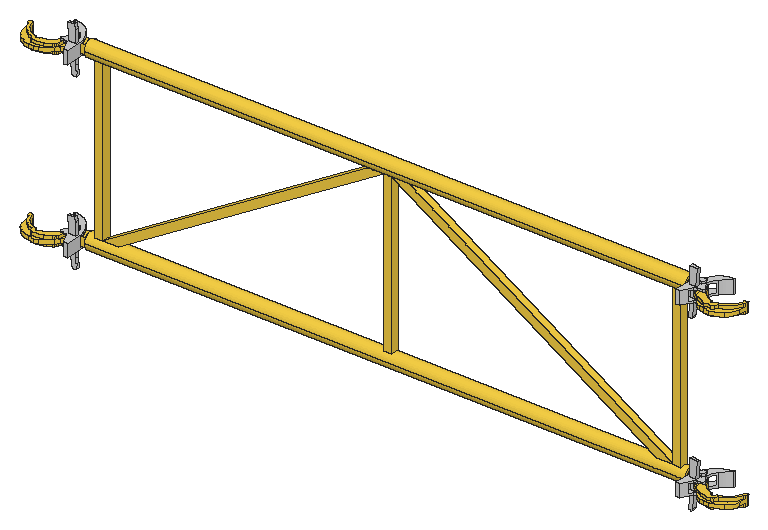
Revit family "EHL_BRACING FRAME 2,075_2220145", category Generic Models, Revit 2018
Family settings
  Can host rebar = No
  Round Connector Dimension = Use Diameter
  Part Type = Normal
  OmniClass Number = 35.51.14.00
  OmniClass Title = FORMWORK
  Work Plane-Based = Yes
  Always vertical = No
  Cut with Voids When Loaded = No
  Shared = Yes
  Room Calculation Point = No
Parameters
  VERSION = "20190101"  # constant formula
  URL = "www.ulmaconstruction.com/en"
  UNICLASS = ""
  ITEM_CODE = "2220145"
  Manufacturer = "ULMA CONSTRUCTION"  # constant formula
  FILTER [instance] = ""
  Default Elevation = 0.000 mm
  CLASSIFICATION_TITLE = ""
  CLASSIFICATION_NUMBER = ""
Reference planes
  plane 1 "Centro (Frontal/Posterior)": y = 0
  plane 2: z = 0
  plane 3 "Centro (Izquierda/Derecha)": x = 0
  plane 4 "SECOND HOOK": z = -530
  plane 5 "ITEM_LENGTH": x = 2075
Forms (mm)
  Extrusion 1, solid, material "ULMA YELLOW", detail levels fine
    sketch origin (0, 0, 0) x (0, 1, 0) y (0, 0, 1)
      loop
        circle (0, 0) r 21.25
    from 112.779 to 131.962
  Extrusion 2, solid, material "ULMA YELLOW", detail levels fine
    sketch origin (0, 0, 0) x (1, 0, 0) y (0, 1, 0)
      loop
        arc (-9.415, -54.949) -> (-39.125, -39.715) -> (-54.802, -10.236) r 55.75
        arc (-54.802, -10.236) -> (-55.276, -9.18) -> (-56.181, -8.458) r 2.46
        line (-56.181, -8.458) -> (-62.543, -5.491)
        arc (-62.543, -5.491) -> (-65.221, -5.854) -> (-66.004, -8.441) r 2.5
        line (-66.004, -8.441) -> (-65.503, -10.204) -> (-62.722, -35.861)
        arc (-62.722, -35.861) -> (-56.857, -54.21) -> (-44.498, -68.985) r 50.058
        arc (-44.498, -68.985) -> (-27.276, -79.37) -> (-7.835, -84.52) r 71.127
        line (-7.835, -84.52) -> (9.041, -84.52)
        arc (9.041, -84.52) -> (15.444, -83.458) -> (21.727, -81.83) r 72.924
        arc (21.727, -81.83) -> (38.94, -72.801) -> (51.518, -57.981) r 50.939
        arc (51.518, -57.981) -> (54.926, -53.297) -> (59.315, -49.519) r 25
        arc (59.315, -49.519) -> (69.169, -42.343) -> (78.5, -34.5) r 175.396
        line (78.5, -34.5) -> (79.668, -21.151)
        arc (79.668, -21.151) -> (80.95, -18.551) -> (83.653, -17.5) r 4
        line (83.653, -17.5) -> (112.779, -17.5) -> (112.779, 21) -> (110, 21) -> (80.183, 8.953)
        arc (80.183, 8.953) -> (63.164, -2.449) -> (52.146, -19.72) r 50
        arc (52.146, -19.72) -> (46.491, -30.767) -> (38.533, -40.29) r 55.75
        arc (38.533, -40.29) -> (25.075, -49.793) -> (9.427, -54.947) r 55.75
        arc (9.427, -54.947) -> (8.551, -55.329) -> (7.953, -56.073) r 2
        line (7.953, -56.073) -> (6.194, -59.845)
        arc (6.194, -59.845) -> (5.456, -60.687) -> (4.381, -61) r 2
        line (4.381, -61) -> (-4.381, -61)
        arc (-4.381, -61) -> (-5.456, -60.687) -> (-6.194, -59.845) r 2
        line (-6.194, -59.845) -> (-7.952, -56.075)
        spline (-7.952, -56.075) -> (-8.025, -55.934) -> (-8.109, -55.798) -> (-8.204, -55.67) -> (-8.309, -55.55) -> (-8.423, -55.439) -> (-8.546, -55.337) -> (-8.677, -55.246) -> (-8.814, -55.165) -> (-8.958, -55.096) -> (-9.107, -55.038) -> (-9.26, -54.992) -> (-9.415, -54.949)
      loop
        circle (75, -5) r 5.25
    from -14.2 to 14.2
  Extrusion 3, void
    sketch origin (0, 0, 0) x (0, -1, 0) y (0, 0, -1)
      loop
        arc (-9.288, -8.299) -> (-6.038, -6.696) -> (-4.724, -3.318) r 5
        line (-4.724, -3.318) -> (-4.724, 3.318)
        arc (-4.724, 3.318) -> (-6.038, 6.696) -> (-9.288, 8.299) r 5
        line (-9.288, 8.299) -> (-24, 9.586) -> (-24, -9.586) -> (-9.288, -8.299)
    from 69.04 to 137.016
  Extrusion 4, void
    sketch origin (0, 0, 0) x (1, 0, 0) y (0, 1, 0)
      loop
        arc (-17.172, -61.068) -> (-43.879, -45.835) -> (-60.07, -19.699) r 62.406
        line (-60.07, -19.699) -> (-66.013, -14.348) -> (-66.013, -86.27) -> (80.89, -86.27) -> (80.89, -20.894)
        arc (80.89, -20.894) -> (73.161, -21.045) -> (65.431, -21.139) r 1055.933
        arc (65.431, -21.139) -> (61.807, -25.128) -> (58.331, -29.248) r 147.622
        line (58.331, -29.248) -> (56.547, -48.914)
        arc (56.547, -48.914) -> (54.986, -51.483) -> (53.221, -53.917) r 36.931
        line (53.221, -53.917) -> (50.918, -56.844) -> (47.592, -60.536)
        arc (47.592, -60.536) -> (37.876, -65.558) -> (27.858, -69.948) r 170.736
        arc (27.858, -69.948) -> (11.017, -74.507) -> (-6.42, -75.069) r 75.203
        arc (-6.42, -75.069) -> (-10.277, -73.661) -> (-12.897, -70.501) r 7.858
        arc (-12.897, -70.501) -> (-15.044, -65.777) -> (-17.172, -61.068) r 2222.639
    from 5.6 to 14.2
  Extrusion 5, void
    sketch origin (0, 0, -35) x (1, 0, 0) y (0, 1, 0)
      loop
        arc (-17.172, -61.068) -> (-43.879, -45.835) -> (-60.07, -19.699) r 62.406
        line (-60.07, -19.699) -> (-66.013, -14.348) -> (-66.013, -86.27) -> (80.89, -86.27) -> (80.89, -20.894)
        arc (80.89, -20.894) -> (73.161, -21.045) -> (65.431, -21.139) r 1055.933
        arc (65.431, -21.139) -> (61.807, -25.128) -> (58.331, -29.248) r 147.622
        line (58.331, -29.248) -> (56.547, -48.914)
        arc (56.547, -48.914) -> (54.986, -51.483) -> (53.221, -53.917) r 36.931
        line (53.221, -53.917) -> (50.918, -56.844) -> (47.592, -60.536)
        arc (47.592, -60.536) -> (37.876, -65.558) -> (27.858, -69.948) r 170.736
        arc (27.858, -69.948) -> (11.017, -74.507) -> (-6.42, -75.069) r 75.203
        arc (-6.42, -75.069) -> (-10.277, -73.661) -> (-12.897, -70.501) r 7.858
        arc (-12.897, -70.501) -> (-15.044, -65.777) -> (-17.172, -61.068) r 2222.639
    from 20.8 to 29.4
  Extrusion 6, solid, material "ULMA ZINC", detail levels fine
    sketch origin (0, 0, 0) x (1, 0, 0) y (0, 1, 0)
      loop
        arc (88.479, 13.391) -> (63.063, 42.619) -> (26.896, 56.482) r 80
        arc (26.896, 56.482) -> (23.121, 54.016) -> (24.908, 49.876) r 3.5
        arc (24.908, 49.876) -> (39.309, 39.533) -> (49.734, 25.19) r 55.75
        arc (49.734, 25.19) -> (61.962, 1.553) -> (52.083, -23.159) r 32
        arc (52.083, -23.159) -> (50.416, -26.594) -> (48.522, -29.91) r 57
        arc (48.522, -29.91) -> (48.319, -32.667) -> (50.457, -34.42) r 3
        line (50.457, -34.42) -> (68.517, -38.23)
        arc (68.517, -38.23) -> (72.482, -40.036) -> (75.302, -43.357) r 10
        line (75.302, -43.357) -> (90.904, -73) -> (103.699, -73) -> (100.509, -12.123)
        arc (100.509, -12.123) -> (100.181, -10.058) -> (99.432, -8.106) r 10
        line (99.432, -8.106) -> (88.479, 13.391)
    from -19.75 to 19.75
  Extrusion 7, void
    sketch origin (0, 0, 0) x (1, 0, 0) y (0, 1, 0)
      loop
        arc (53.518, 21.701) -> (61.984, -1.023) -> (52.083, -23.159) r 32
        arc (52.083, -23.159) -> (50.416, -26.594) -> (48.522, -29.91) r 57
        arc (48.522, -29.91) -> (48.319, -32.667) -> (50.457, -34.42) r 3
        line (50.457, -34.42) -> (68.517, -38.23)
        arc (68.517, -38.23) -> (72.482, -40.036) -> (75.302, -43.357) r 10
        line (75.302, -43.357) -> (81.718, -55.548) -> (94, -55.548) -> (94, -23) -> (101.079, -23) -> (100.509, -12.123)
        arc (100.509, -12.123) -> (100.181, -10.058) -> (99.432, -8.106) r 10
        line (99.432, -8.106) -> (88.479, 13.391)
        arc (88.479, 13.391) -> (63.063, 42.619) -> (26.896, 56.482) r 80
        arc (26.896, 56.482) -> (24.143, 55.62) -> (22.972, 52.984) r 3.5
        arc (22.972, 52.984) -> (24.396, 52.344) -> (25.802, 51.665) r 57.75
        arc (25.802, 51.665) -> (42.395, 39.213) -> (53.518, 21.701) r 57.75
    from -14.75 to 14.75
  Extrusion 8, solid, material "ULMA ZINC", detail levels fine
    sketch origin (0, 0, 0) x (1, 0, 0) y (0, 0, 1)
      loop
        line (69.566, 68.569) -> (83.484, -66.214)
        arc (83.484, -66.214) -> (85.85, -70.589) -> (90.616, -72.011) r 6.499
        line (90.616, -72.011) -> (97.081, -71.344) -> (93.997, -41.477) -> (93.997, 55.885) -> (92.444, 70.931) -> (69.566, 68.569)
    from 23.25 to 31.75
  Extrusion 9, solid, material "ULMA ZINC", detail levels fine
    sketch origin (0, 0, 0) x (1, 0, 0) y (0, 1, 0)
      loop
        line (70.093, 3.5) -> (65.185, -5) -> (70.093, -13.5) -> (79.907, -13.5) -> (84.815, -5) -> (79.907, 3.5) -> (70.093, 3.5)
    from 19.75 to 26.75
  Extrusion 10, solid, material "ULMA ZINC", detail levels fine
    sketch origin (0, 0, -46.5) x (1, 0, 0) y (0, 1, 0)
      loop
        line (70.093, 3.5) -> (65.185, -5) -> (70.093, -13.5) -> (79.907, -13.5) -> (84.815, -5) -> (79.907, 3.5) -> (70.093, 3.5)
    from 19.75 to 26.75
  Extrusion 11, solid, material "ULMA YELLOW", detail levels fine
    sketch origin (2075, 0, 0) x (0, 1, 0) y (0, 0, -1)
      loop
        circle (0, 0) r 21.25
    from 112.779 to 131.962
  Extrusion 12, solid, material "ULMA YELLOW", detail levels fine
    sketch origin (2075, 0, 0) x (-1, 0, 0) y (0, -1, 0)
      loop
        spline (-9.415, 54.949) -> (-9.26, 54.992) -> (-9.107, 55.038) -> (-8.958, 55.096) -> (-8.814, 55.165) -> (-8.677, 55.246) -> (-8.546, 55.337) -> (-8.423, 55.439) -> (-8.309, 55.55) -> (-8.204, 55.67) -> (-8.109, 55.798) -> (-8.025, 55.934) -> (-7.952, 56.075)
        line (-7.952, 56.075) -> (-6.194, 59.845)
        arc (-6.194, 59.845) -> (-5.456, 60.687) -> (-4.381, 61) r 2
        line (-4.381, 61) -> (4.381, 61)
        arc (4.381, 61) -> (5.456, 60.687) -> (6.194, 59.845) r 2
        line (6.194, 59.845) -> (7.953, 56.073)
        arc (7.953, 56.073) -> (8.551, 55.329) -> (9.427, 54.947) r 2
        arc (9.427, 54.947) -> (25.075, 49.793) -> (38.533, 40.29) r 55.75
        arc (38.533, 40.29) -> (46.491, 30.767) -> (52.146, 19.72) r 55.75
        arc (52.146, 19.72) -> (63.164, 2.449) -> (80.183, -8.953) r 50
        line (80.183, -8.953) -> (110, -21) -> (112.779, -21) -> (112.779, 17.5) -> (83.653, 17.5)
        arc (83.653, 17.5) -> (80.95, 18.551) -> (79.668, 21.151) r 4
        line (79.668, 21.151) -> (78.5, 34.5)
        arc (78.5, 34.5) -> (69.169, 42.343) -> (59.315, 49.519) r 175.396
        arc (59.315, 49.519) -> (54.926, 53.297) -> (51.518, 57.981) r 25
        arc (51.518, 57.981) -> (38.94, 72.801) -> (21.727, 81.83) r 50.939
        arc (21.727, 81.83) -> (15.444, 83.458) -> (9.041, 84.52) r 72.924
        line (9.041, 84.52) -> (-7.835, 84.52)
        arc (-7.835, 84.52) -> (-27.276, 79.37) -> (-44.498, 68.985) r 71.127
        arc (-44.498, 68.985) -> (-56.857, 54.21) -> (-62.722, 35.861) r 50.058
        line (-62.722, 35.861) -> (-65.503, 10.204) -> (-66.004, 8.441)
        arc (-66.004, 8.441) -> (-65.221, 5.854) -> (-62.543, 5.491) r 2.5
        line (-62.543, 5.491) -> (-56.181, 8.458)
        arc (-56.181, 8.458) -> (-55.276, 9.18) -> (-54.802, 10.236) r 2.46
        arc (-54.802, 10.236) -> (-39.125, 39.715) -> (-9.415, 54.949) r 55.75
      loop
        circle (75, 5) r 5.25
    from -14.2 to 14.2
  Extrusion 13, void
    sketch origin (2075, 0, 0) x (0, -1, 0) y (0, 0, 1)
      loop
        line (-9.288, 8.299) -> (-24, 9.586) -> (-24, -9.586) -> (-9.288, -8.299)
        arc (-9.288, -8.299) -> (-6.038, -6.696) -> (-4.724, -3.318) r 5
        line (-4.724, -3.318) -> (-4.724, 3.318)
        arc (-4.724, 3.318) -> (-6.038, 6.696) -> (-9.288, 8.299) r 5
    from 69.04 to 137.016
  Extrusion 14, void
    sketch origin (2075, 0, -35) x (-1, 0, 0) y (0, -1, 0)
      loop
        arc (-17.172, 61.068) -> (-15.044, 65.777) -> (-12.897, 70.501) r 2222.639
        arc (-12.897, 70.501) -> (-10.277, 73.661) -> (-6.42, 75.069) r 7.858
        arc (-6.42, 75.069) -> (11.017, 74.507) -> (27.858, 69.948) r 75.203
        arc (27.858, 69.948) -> (37.876, 65.558) -> (47.592, 60.536) r 170.736
        line (47.592, 60.536) -> (50.918, 56.844) -> (53.221, 53.917)
        arc (53.221, 53.917) -> (54.986, 51.483) -> (56.547, 48.914) r 36.931
        line (56.547, 48.914) -> (58.331, 29.248)
        arc (58.331, 29.248) -> (61.807, 25.128) -> (65.431, 21.139) r 147.622
        arc (65.431, 21.139) -> (73.161, 21.045) -> (80.89, 20.894) r 1055.933
        line (80.89, 20.894) -> (80.89, 86.27) -> (-66.013, 86.27) -> (-66.013, 14.348) -> (-60.07, 19.699)
        arc (-60.07, 19.699) -> (-43.879, 45.835) -> (-17.172, 61.068) r 62.406
    from 20.8 to 29.4
  Extrusion 15, solid, material "ULMA ZINC", detail levels fine
    sketch origin (2075, 0, 0) x (-1, 0, 0) y (0, -1, 0)
      loop
        line (88.479, -13.391) -> (99.432, 8.106)
        arc (99.432, 8.106) -> (100.181, 10.058) -> (100.509, 12.123) r 10
        line (100.509, 12.123) -> (103.699, 73) -> (90.904, 73) -> (75.302, 43.357)
        arc (75.302, 43.357) -> (72.482, 40.036) -> (68.517, 38.23) r 10
        line (68.517, 38.23) -> (50.457, 34.42)
        arc (50.457, 34.42) -> (48.319, 32.667) -> (48.522, 29.91) r 3
        arc (48.522, 29.91) -> (50.416, 26.594) -> (52.083, 23.159) r 57
        arc (52.083, 23.159) -> (61.962, -1.553) -> (49.734, -25.19) r 32
        arc (49.734, -25.19) -> (39.309, -39.533) -> (24.908, -49.876) r 55.75
        arc (24.908, -49.876) -> (23.121, -54.016) -> (26.896, -56.482) r 3.5
        arc (26.896, -56.482) -> (63.063, -42.619) -> (88.479, -13.391) r 80
    from -19.75 to 19.75
  Extrusion 16, void
    sketch origin (2075, 0, 0) x (-1, 0, 0) y (0, -1, 0)
      loop
        arc (53.518, -21.701) -> (42.395, -39.213) -> (25.802, -51.665) r 57.75
        arc (25.802, -51.665) -> (24.396, -52.344) -> (22.972, -52.984) r 57.75
        arc (22.972, -52.984) -> (24.143, -55.62) -> (26.896, -56.482) r 3.5
        arc (26.896, -56.482) -> (63.063, -42.619) -> (88.479, -13.391) r 80
        line (88.479, -13.391) -> (99.432, 8.106)
        arc (99.432, 8.106) -> (100.181, 10.058) -> (100.509, 12.123) r 10
        line (100.509, 12.123) -> (101.079, 23) -> (94, 23) -> (94, 55.548) -> (81.718, 55.548) -> (75.302, 43.357)
        arc (75.302, 43.357) -> (72.482, 40.036) -> (68.517, 38.23) r 10
        line (68.517, 38.23) -> (50.457, 34.42)
        arc (50.457, 34.42) -> (48.319, 32.667) -> (48.522, 29.91) r 3
        arc (48.522, 29.91) -> (50.416, 26.594) -> (52.083, 23.159) r 57
        arc (52.083, 23.159) -> (61.984, 1.023) -> (53.518, -21.701) r 32
    from -14.75 to 14.75
  Extrusion 17, solid, material "ULMA ZINC", detail levels fine
    sketch origin (2075, 0, 0) x (-1, 0, 0) y (0, 0, -1)
      loop
        line (69.566, -68.569) -> (92.444, -70.931) -> (93.997, -55.885) -> (93.997, 41.477) -> (97.081, 71.344) -> (90.616, 72.011)
        arc (90.616, 72.011) -> (85.85, 70.589) -> (83.484, 66.214) r 6.499
        line (83.484, 66.214) -> (69.566, -68.569)
    from 23.25 to 31.75
  Extrusion 18, solid, material "ULMA ZINC", detail levels fine
    sketch origin (2075, 0, 0) x (-1, 0, 0) y (0, -1, 0)
      loop
        line (70.093, -3.5) -> (79.907, -3.5) -> (84.815, 5) -> (79.907, 13.5) -> (70.093, 13.5) -> (65.185, 5) -> (70.093, -3.5)
    from 19.75 to 26.75
  Extrusion 19, void
    sketch origin (2075, 0, -15.2) x (-1, 0, 0) y (0, -1, 0)
      loop
        arc (-17.172, 61.068) -> (-15.044, 65.777) -> (-12.897, 70.501) r 2222.639
        arc (-12.897, 70.501) -> (-10.277, 73.661) -> (-6.42, 75.069) r 7.858
        arc (-6.42, 75.069) -> (11.017, 74.507) -> (27.858, 69.948) r 75.203
        arc (27.858, 69.948) -> (37.876, 65.558) -> (47.592, 60.536) r 170.736
        line (47.592, 60.536) -> (50.918, 56.844) -> (53.221, 53.917)
        arc (53.221, 53.917) -> (54.986, 51.483) -> (56.547, 48.914) r 36.931
        line (56.547, 48.914) -> (58.331, 29.248)
        arc (58.331, 29.248) -> (61.807, 25.128) -> (65.431, 21.139) r 147.622
        arc (65.431, 21.139) -> (73.161, 21.045) -> (80.89, 20.894) r 1055.933
        line (80.89, 20.894) -> (80.89, 86.27) -> (-66.013, 86.27) -> (-66.013, 14.348) -> (-60.07, 19.699)
        arc (-60.07, 19.699) -> (-43.879, 45.835) -> (-17.172, 61.068) r 62.406
    from 20.8 to 29.4
  Extrusion 20, solid, material "ULMA YELLOW", detail levels fine
    sketch origin (0, 0, -530) x (0, 1, 0) y (0, 0, 1)
      loop
        circle (0, 0) r 21.25
    from 112.779 to 131.962
  Extrusion 21, solid, material "ULMA YELLOW", detail levels fine
    sketch origin (0, 0, -530) x (1, 0, 0) y (0, 1, 0)
      loop
        arc (-9.415, -54.949) -> (-39.125, -39.715) -> (-54.802, -10.236) r 55.75
        arc (-54.802, -10.236) -> (-55.276, -9.18) -> (-56.181, -8.458) r 2.46
        line (-56.181, -8.458) -> (-62.543, -5.491)
        arc (-62.543, -5.491) -> (-65.221, -5.854) -> (-66.004, -8.441) r 2.5
        line (-66.004, -8.441) -> (-65.503, -10.204) -> (-62.722, -35.861)
        arc (-62.722, -35.861) -> (-56.857, -54.21) -> (-44.498, -68.985) r 50.058
        arc (-44.498, -68.985) -> (-27.276, -79.37) -> (-7.835, -84.52) r 71.127
        line (-7.835, -84.52) -> (9.041, -84.52)
        arc (9.041, -84.52) -> (15.444, -83.458) -> (21.727, -81.83) r 72.924
        arc (21.727, -81.83) -> (38.94, -72.801) -> (51.518, -57.981) r 50.939
        arc (51.518, -57.981) -> (54.926, -53.297) -> (59.315, -49.519) r 25
        arc (59.315, -49.519) -> (69.169, -42.343) -> (78.5, -34.5) r 175.396
        line (78.5, -34.5) -> (79.668, -21.151)
        arc (79.668, -21.151) -> (80.95, -18.551) -> (83.653, -17.5) r 4
        line (83.653, -17.5) -> (112.779, -17.5) -> (112.779, 21) -> (110, 21) -> (80.183, 8.953)
        arc (80.183, 8.953) -> (63.164, -2.449) -> (52.146, -19.72) r 50
        arc (52.146, -19.72) -> (46.491, -30.767) -> (38.533, -40.29) r 55.75
        arc (38.533, -40.29) -> (25.075, -49.793) -> (9.427, -54.947) r 55.75
        arc (9.427, -54.947) -> (8.551, -55.329) -> (7.953, -56.073) r 2
        line (7.953, -56.073) -> (6.194, -59.845)
        arc (6.194, -59.845) -> (5.456, -60.687) -> (4.381, -61) r 2
        line (4.381, -61) -> (-4.381, -61)
        arc (-4.381, -61) -> (-5.456, -60.687) -> (-6.194, -59.845) r 2
        line (-6.194, -59.845) -> (-7.952, -56.075)
        spline (-7.952, -56.075) -> (-8.025, -55.934) -> (-8.109, -55.798) -> (-8.204, -55.67) -> (-8.309, -55.55) -> (-8.423, -55.439) -> (-8.546, -55.337) -> (-8.677, -55.246) -> (-8.814, -55.165) -> (-8.958, -55.096) -> (-9.107, -55.038) -> (-9.26, -54.992) -> (-9.415, -54.949)
      loop
        circle (75, -5) r 5.25
    from -14.2 to 14.2
  Extrusion 22, void
    sketch origin (0, 0, -530) x (0, -1, 0) y (0, 0, -1)
      loop
        arc (-9.288, -8.299) -> (-6.038, -6.696) -> (-4.724, -3.318) r 5
        line (-4.724, -3.318) -> (-4.724, 3.318)
        arc (-4.724, 3.318) -> (-6.038, 6.696) -> (-9.288, 8.299) r 5
        line (-9.288, 8.299) -> (-24, 9.586) -> (-24, -9.586) -> (-9.288, -8.299)
    from 69.04 to 137.016
  Extrusion 23, void
    sketch origin (0, 0, -565) x (1, 0, 0) y (0, 1, 0)
      loop
        arc (-17.172, -61.068) -> (-43.879, -45.835) -> (-60.07, -19.699) r 62.406
        line (-60.07, -19.699) -> (-66.013, -14.348) -> (-66.013, -86.27) -> (80.89, -86.27) -> (80.89, -20.894)
        arc (80.89, -20.894) -> (73.161, -21.045) -> (65.431, -21.139) r 1055.933
        arc (65.431, -21.139) -> (61.807, -25.128) -> (58.331, -29.248) r 147.622
        line (58.331, -29.248) -> (56.547, -48.914)
        arc (56.547, -48.914) -> (54.986, -51.483) -> (53.221, -53.917) r 36.931
        line (53.221, -53.917) -> (50.918, -56.844) -> (47.592, -60.536)
        arc (47.592, -60.536) -> (37.876, -65.558) -> (27.858, -69.948) r 170.736
        arc (27.858, -69.948) -> (11.017, -74.507) -> (-6.42, -75.069) r 75.203
        arc (-6.42, -75.069) -> (-10.277, -73.661) -> (-12.897, -70.501) r 7.858
        arc (-12.897, -70.501) -> (-15.044, -65.777) -> (-17.172, -61.068) r 2222.639
    from 20.8 to 29.4
  Extrusion 24, solid, material "ULMA ZINC", detail levels fine
    sketch origin (0, 0, -530) x (1, 0, 0) y (0, 1, 0)
      loop
        arc (88.479, 13.391) -> (63.063, 42.619) -> (26.896, 56.482) r 80
        arc (26.896, 56.482) -> (23.121, 54.016) -> (24.908, 49.876) r 3.5
        arc (24.908, 49.876) -> (39.309, 39.533) -> (49.734, 25.19) r 55.75
        arc (49.734, 25.19) -> (61.962, 1.553) -> (52.083, -23.159) r 32
        arc (52.083, -23.159) -> (50.416, -26.594) -> (48.522, -29.91) r 57
        arc (48.522, -29.91) -> (48.319, -32.667) -> (50.457, -34.42) r 3
        line (50.457, -34.42) -> (68.517, -38.23)
        arc (68.517, -38.23) -> (72.482, -40.036) -> (75.302, -43.357) r 10
        line (75.302, -43.357) -> (90.904, -73) -> (103.699, -73) -> (100.509, -12.123)
        arc (100.509, -12.123) -> (100.181, -10.058) -> (99.432, -8.106) r 10
        line (99.432, -8.106) -> (88.479, 13.391)
    from -19.75 to 19.75
  Extrusion 25, void
    sketch origin (0, 0, -530) x (1, 0, 0) y (0, 1, 0)
      loop
        arc (53.518, 21.701) -> (61.984, -1.023) -> (52.083, -23.159) r 32
        arc (52.083, -23.159) -> (50.416, -26.594) -> (48.522, -29.91) r 57
        arc (48.522, -29.91) -> (48.319, -32.667) -> (50.457, -34.42) r 3
        line (50.457, -34.42) -> (68.517, -38.23)
        arc (68.517, -38.23) -> (72.482, -40.036) -> (75.302, -43.357) r 10
        line (75.302, -43.357) -> (81.718, -55.548) -> (94, -55.548) -> (94, -23) -> (101.079, -23) -> (100.509, -12.123)
        arc (100.509, -12.123) -> (100.181, -10.058) -> (99.432, -8.106) r 10
        line (99.432, -8.106) -> (88.479, 13.391)
        arc (88.479, 13.391) -> (63.063, 42.619) -> (26.896, 56.482) r 80
        arc (26.896, 56.482) -> (24.143, 55.62) -> (22.972, 52.984) r 3.5
        arc (22.972, 52.984) -> (24.396, 52.344) -> (25.802, 51.665) r 57.75
        arc (25.802, 51.665) -> (42.395, 39.213) -> (53.518, 21.701) r 57.75
    from -14.75 to 14.75
  Extrusion 26, solid, material "ULMA ZINC", detail levels fine
    sketch origin (0, 0, -530) x (1, 0, 0) y (0, 0, 1)
      loop
        line (69.566, 68.569) -> (83.484, -66.214)
        arc (83.484, -66.214) -> (85.85, -70.589) -> (90.616, -72.011) r 6.499
        line (90.616, -72.011) -> (97.081, -71.344) -> (93.997, -41.477) -> (93.997, 55.885) -> (92.444, 70.931) -> (69.566, 68.569)
    from 23.25 to 31.75
  Extrusion 27, solid, material "ULMA ZINC", detail levels fine
    sketch origin (0, 0, -530) x (1, 0, 0) y (0, 1, 0)
      loop
        line (70.093, 3.5) -> (65.185, -5) -> (70.093, -13.5) -> (79.907, -13.5) -> (84.815, -5) -> (79.907, 3.5) -> (70.093, 3.5)
    from 19.75 to 26.75
  Extrusion 28, solid, material "ULMA ZINC", detail levels fine
    sketch origin (0, 0, -576.5) x (1, 0, 0) y (0, 1, 0)
      loop
        line (70.093, 3.5) -> (65.185, -5) -> (70.093, -13.5) -> (79.907, -13.5) -> (84.815, -5) -> (79.907, 3.5) -> (70.093, 3.5)
    from 19.75 to 26.75
  Extrusion 29, solid, material "ULMA YELLOW", detail levels fine
    sketch origin (2075, 0, -530) x (0, 1, 0) y (0, 0, -1)
      loop
        circle (0, 0) r 21.25
    from 112.779 to 131.962
  Extrusion 30, solid, material "ULMA YELLOW", detail levels fine
    sketch origin (2075, 0, -530) x (-1, 0, 0) y (0, -1, 0)
      loop
        spline (-9.415, 54.949) -> (-9.26, 54.992) -> (-9.107, 55.038) -> (-8.958, 55.096) -> (-8.814, 55.165) -> (-8.677, 55.246) -> (-8.546, 55.337) -> (-8.423, 55.439) -> (-8.309, 55.55) -> (-8.204, 55.67) -> (-8.109, 55.798) -> (-8.025, 55.934) -> (-7.952, 56.075)
        line (-7.952, 56.075) -> (-6.194, 59.845)
        arc (-6.194, 59.845) -> (-5.456, 60.687) -> (-4.381, 61) r 2
        line (-4.381, 61) -> (4.381, 61)
        arc (4.381, 61) -> (5.456, 60.687) -> (6.194, 59.845) r 2
        line (6.194, 59.845) -> (7.953, 56.073)
        arc (7.953, 56.073) -> (8.551, 55.329) -> (9.427, 54.947) r 2
        arc (9.427, 54.947) -> (25.075, 49.793) -> (38.533, 40.29) r 55.75
        arc (38.533, 40.29) -> (46.491, 30.767) -> (52.146, 19.72) r 55.75
        arc (52.146, 19.72) -> (63.164, 2.449) -> (80.183, -8.953) r 50
        line (80.183, -8.953) -> (110, -21) -> (112.779, -21) -> (112.779, 17.5) -> (83.653, 17.5)
        arc (83.653, 17.5) -> (80.95, 18.551) -> (79.668, 21.151) r 4
        line (79.668, 21.151) -> (78.5, 34.5)
        arc (78.5, 34.5) -> (69.169, 42.343) -> (59.315, 49.519) r 175.396
        arc (59.315, 49.519) -> (54.926, 53.297) -> (51.518, 57.981) r 25
        arc (51.518, 57.981) -> (38.94, 72.801) -> (21.727, 81.83) r 50.939
        arc (21.727, 81.83) -> (15.444, 83.458) -> (9.041, 84.52) r 72.924
        line (9.041, 84.52) -> (-7.835, 84.52)
        arc (-7.835, 84.52) -> (-27.276, 79.37) -> (-44.498, 68.985) r 71.127
        arc (-44.498, 68.985) -> (-56.857, 54.21) -> (-62.722, 35.861) r 50.058
        line (-62.722, 35.861) -> (-65.503, 10.204) -> (-66.004, 8.441)
        arc (-66.004, 8.441) -> (-65.221, 5.854) -> (-62.543, 5.491) r 2.5
        line (-62.543, 5.491) -> (-56.181, 8.458)
        arc (-56.181, 8.458) -> (-55.276, 9.18) -> (-54.802, 10.236) r 2.46
        arc (-54.802, 10.236) -> (-39.125, 39.715) -> (-9.415, 54.949) r 55.75
      loop
        circle (75, 5) r 5.25
    from -14.2 to 14.2
  Extrusion 31, void
    sketch origin (2074.442, 0, -530) x (0, -1, 0) y (0, 0, 1)
      loop
        line (-9.288, 8.299) -> (-24, 9.586) -> (-24, -9.586) -> (-9.288, -8.299)
        arc (-9.288, -8.299) -> (-6.038, -6.696) -> (-4.724, -3.318) r 5
        line (-4.724, -3.318) -> (-4.724, 3.318)
        arc (-4.724, 3.318) -> (-6.038, 6.696) -> (-9.288, 8.299) r 5
    from 69.04 to 137.016
  Extrusion 32, void
    sketch origin (2074.442, 0, -565) x (-1, 0, 0) y (0, -1, 0)
      loop
        arc (-17.172, 61.068) -> (-15.044, 65.777) -> (-12.897, 70.501) r 2222.639
        arc (-12.897, 70.501) -> (-10.277, 73.661) -> (-6.42, 75.069) r 7.858
        arc (-6.42, 75.069) -> (11.017, 74.507) -> (27.858, 69.948) r 75.203
        arc (27.858, 69.948) -> (37.876, 65.558) -> (47.592, 60.536) r 170.736
        line (47.592, 60.536) -> (50.918, 56.844) -> (53.221, 53.917)
        arc (53.221, 53.917) -> (54.986, 51.483) -> (56.547, 48.914) r 36.931
        line (56.547, 48.914) -> (58.331, 29.248)
        arc (58.331, 29.248) -> (61.807, 25.128) -> (65.431, 21.139) r 147.622
        arc (65.431, 21.139) -> (73.161, 21.045) -> (80.89, 20.894) r 1055.933
        line (80.89, 20.894) -> (80.89, 86.27) -> (-66.013, 86.27) -> (-66.013, 14.348) -> (-60.07, 19.699)
        arc (-60.07, 19.699) -> (-43.879, 45.835) -> (-17.172, 61.068) r 62.406
    from 20.8 to 29.4
  Extrusion 33, solid, material "ULMA ZINC", detail levels fine
    sketch origin (2075, 0, -530) x (-1, 0, 0) y (0, -1, 0)
      loop
        line (88.479, -13.391) -> (99.432, 8.106)
        arc (99.432, 8.106) -> (100.181, 10.058) -> (100.509, 12.123) r 10
        line (100.509, 12.123) -> (103.699, 73) -> (90.904, 73) -> (75.302, 43.357)
        arc (75.302, 43.357) -> (72.482, 40.036) -> (68.517, 38.23) r 10
        line (68.517, 38.23) -> (50.457, 34.42)
        arc (50.457, 34.42) -> (48.319, 32.667) -> (48.522, 29.91) r 3
        arc (48.522, 29.91) -> (50.416, 26.594) -> (52.083, 23.159) r 57
        arc (52.083, 23.159) -> (61.962, -1.553) -> (49.734, -25.19) r 32
        arc (49.734, -25.19) -> (39.309, -39.533) -> (24.908, -49.876) r 55.75
        arc (24.908, -49.876) -> (23.121, -54.016) -> (26.896, -56.482) r 3.5
        arc (26.896, -56.482) -> (63.063, -42.619) -> (88.479, -13.391) r 80
    from -19.75 to 19.75
  Extrusion 34, solid, material "ULMA ZINC", detail levels fine
    sketch origin (2075, 0, -530) x (-1, 0, 0) y (0, 0, -1)
      loop
        line (69.566, -68.569) -> (92.444, -70.931) -> (93.997, -55.885) -> (93.997, 41.477) -> (97.081, 71.344) -> (90.616, 72.011)
        arc (90.616, 72.011) -> (85.85, 70.589) -> (83.484, 66.214) r 6.499
        line (83.484, 66.214) -> (69.566, -68.569)
    from 23.25 to 31.75
  Extrusion 35, solid, material "ULMA ZINC", detail levels fine
    sketch origin (2075, 0, -530) x (-1, 0, 0) y (0, -1, 0)
      loop
        line (70.093, -3.5) -> (79.907, -3.5) -> (84.815, 5) -> (79.907, 13.5) -> (70.093, 13.5) -> (65.185, 5) -> (70.093, -3.5)
    from 19.75 to 26.75
  Extrusion 36, void
    sketch origin (2074.442, 0, -545.2) x (-1, 0, 0) y (0, -1, 0)
      loop
        arc (-17.172, 61.068) -> (-15.044, 65.777) -> (-12.897, 70.501) r 2222.639
        arc (-12.897, 70.501) -> (-10.277, 73.661) -> (-6.42, 75.069) r 7.858
        arc (-6.42, 75.069) -> (11.017, 74.507) -> (27.858, 69.948) r 75.203
        arc (27.858, 69.948) -> (37.876, 65.558) -> (47.592, 60.536) r 170.736
        line (47.592, 60.536) -> (50.918, 56.844) -> (53.221, 53.917)
        arc (53.221, 53.917) -> (54.986, 51.483) -> (56.547, 48.914) r 36.931
        line (56.547, 48.914) -> (58.331, 29.248)
        arc (58.331, 29.248) -> (61.807, 25.128) -> (65.431, 21.139) r 147.622
        arc (65.431, 21.139) -> (73.161, 21.045) -> (80.89, 20.894) r 1055.933
        line (80.89, 20.894) -> (80.89, 86.27) -> (-66.013, 86.27) -> (-66.013, 14.348) -> (-60.07, 19.699)
        arc (-60.07, 19.699) -> (-43.879, 45.835) -> (-17.172, 61.068) r 62.406
    from 20.8 to 29.4
  Extrusion 37, void
    sketch origin (0, 0, -530) x (1, 0, 0) y (0, 1, 0)
      loop
        arc (-17.172, -61.068) -> (-43.879, -45.835) -> (-60.07, -19.699) r 62.406
        line (-60.07, -19.699) -> (-66.013, -14.348) -> (-66.013, -86.27) -> (80.89, -86.27) -> (80.89, -20.894)
        arc (80.89, -20.894) -> (73.161, -21.045) -> (65.431, -21.139) r 1055.933
        arc (65.431, -21.139) -> (61.807, -25.128) -> (58.331, -29.248) r 147.622
        line (58.331, -29.248) -> (56.547, -48.914)
        arc (56.547, -48.914) -> (54.986, -51.483) -> (53.221, -53.917) r 36.931
        line (53.221, -53.917) -> (50.918, -56.844) -> (47.592, -60.536)
        arc (47.592, -60.536) -> (37.876, -65.558) -> (27.858, -69.948) r 170.736
        arc (27.858, -69.948) -> (11.017, -74.507) -> (-6.42, -75.069) r 75.203
        arc (-6.42, -75.069) -> (-10.277, -73.661) -> (-12.897, -70.501) r 7.858
        arc (-12.897, -70.501) -> (-15.044, -65.777) -> (-17.172, -61.068) r 2222.639
    from 5.6 to 14.2
  Extrusion 38, solid, material "ULMA YELLOW", detail levels medium+fine
    sketch origin (0, 0, 0) x (0, 1, 0) y (0, 0, 1)
      loop
        circle (0, 0) r 24
      loop
        circle (0, -530) r 24
    from 115 to 1960
  Extrusion 39, solid, material "ULMA YELLOW", detail levels medium+fine
    sketch origin (0, 0, 0) x (1, 0, 0) y (0, 1, 0)
      loop
        line (162.5, 12.5) -> (137.5, 12.5) -> (137.5, -12.5) -> (162.5, -12.5) -> (162.5, 12.5)
      loop
        line (1050, 12.5) -> (1025, 12.5) -> (1025, -12.5) -> (1050, -12.5) -> (1050, 12.5)
      loop
        line (1937.502, 12.5) -> (1912.502, 12.5) -> (1912.502, -12.5) -> (1937.502, -12.5) -> (1937.502, 12.5)
    from -509.429 to -20.571
  Extrusion 40, solid, material "ULMA YELLOW", detail levels medium+fine
    sketch origin (0, 0, 0) x (1, 0, 0) y (0, 0, 1)
      loop
        line (162.507, -508.929) -> (211.132, -508.929) -> (1024.993, -21.071) -> (976.368, -21.071) -> (162.507, -508.929)
      loop
        line (1863.868, -508.929) -> (1912.493, -508.929) -> (1098.632, -21.071) -> (1050.007, -21.071) -> (1863.868, -508.929)
    from -12.5 to 12.5
  Extrusion 41, solid, material "ULMA ZINC", detail levels fine
    sketch origin (2075, 0, -46.5) x (-1, 0, 0) y (0, -1, 0)
      loop
        line (70.093, -3.5) -> (79.907, -3.5) -> (84.815, 5) -> (79.907, 13.5) -> (70.093, 13.5) -> (65.185, 5) -> (70.093, -3.5)
    from 19.75 to 26.75
  Extrusion 42, solid, material "ULMA ZINC", detail levels fine
    sketch origin (2075, 0, -576.5) x (-1, 0, 0) y (0, -1, 0)
      loop
        line (70.093, -3.5) -> (79.907, -3.5) -> (84.815, 5) -> (79.907, 13.5) -> (70.093, 13.5) -> (65.185, 5) -> (70.093, -3.5)
    from 19.75 to 26.75
  Extrusion 43, void
    sketch origin (2075, 0, -530) x (-1, 0, 0) y (0, -1, 0)
      loop
        arc (53.518, -21.701) -> (42.395, -39.213) -> (25.802, -51.665) r 57.75
        arc (25.802, -51.665) -> (24.396, -52.344) -> (22.972, -52.984) r 57.75
        arc (22.972, -52.984) -> (24.143, -55.62) -> (26.896, -56.482) r 3.5
        arc (26.896, -56.482) -> (63.063, -42.619) -> (88.479, -13.391) r 80
        line (88.479, -13.391) -> (99.432, 8.106)
        arc (99.432, 8.106) -> (100.181, 10.058) -> (100.509, 12.123) r 10
        line (100.509, 12.123) -> (101.079, 23) -> (94, 23) -> (94, 55.548) -> (81.718, 55.548) -> (75.302, 43.357)
        arc (75.302, 43.357) -> (72.482, 40.036) -> (68.517, 38.23) r 10
        line (68.517, 38.23) -> (50.457, 34.42)
        arc (50.457, 34.42) -> (48.319, 32.667) -> (48.522, 29.91) r 3
        arc (48.522, 29.91) -> (50.416, 26.594) -> (52.083, 23.159) r 57
        arc (52.083, 23.159) -> (61.984, 1.023) -> (53.518, -21.701) r 32
    from -14.75 to 14.75
  Extrusion 44, solid, material "ULMA YELLOW", detail levels medium
    sketch origin (0, 0, 0) x (1, 0, 0) y (0, 1, 0)
      loop
        line (-65, 85) -> (-65, -85) -> (115, -85) -> (115, 85) -> (-65, 85)
    from -14.2 to 14.2
  Extrusion 45, solid, material "ULMA YELLOW", detail levels medium
    sketch origin (2025, 0, 0) x (1, 0, 0) y (0, 1, 0)
      loop
        line (-65, 85) -> (-65, -85) -> (115, -85) -> (115, 85) -> (-65, 85)
    from -14.2 to 14.2
  Extrusion 46, solid, material "ULMA YELLOW", detail levels medium
    sketch origin (0, 0, -530) x (1, 0, 0) y (0, 1, 0)
      loop
        line (-65, 85) -> (-65, -85) -> (115, -85) -> (115, 85) -> (-65, 85)
    from -14.2 to 14.2
  Extrusion 47, solid, material "ULMA YELLOW", detail levels medium
    sketch origin (2025, 0, -530) x (1, 0, 0) y (0, 1, 0)
      loop
        line (-65, 85) -> (-65, -85) -> (115, -85) -> (115, 85) -> (-65, 85)
    from -14.2 to 14.2
Cuts and joins
  Extrusion 3, Extrusion 13, Extrusion 22 cuts Extrusion 1
  Extrusion 3, Extrusion 4, Extrusion 5, Extrusion 13, Extrusion 16, Extrusion 22, Extrusion 25 cuts Extrusion 2
  joined: Extrusion 1, Extrusion 2
  Extrusion 7, Extrusion 16, Extrusion 25 cuts Extrusion 6
  Extrusion 13, Extrusion 31 cuts Extrusion 11
  Extrusion 13, Extrusion 14, Extrusion 19, Extrusion 31, Extrusion 43 cuts Extrusion 12
  joined: Extrusion 11, Extrusion 12
  Extrusion 13, Extrusion 16, Extrusion 43 cuts Extrusion 15
  Extrusion 23, Extrusion 25, Extrusion 37 cuts Extrusion 8
  Extrusion 32, Extrusion 36, Extrusion 43 cuts Extrusion 17
  Extrusion 22 cuts Extrusion 20
  Extrusion 22, Extrusion 23, Extrusion 37 cuts Extrusion 21
  joined: Extrusion 20, Extrusion 21
  Extrusion 22, Extrusion 25 cuts Extrusion 24
  Extrusion 31 cuts Extrusion 29
  Extrusion 31, Extrusion 32, Extrusion 36 cuts Extrusion 30
  joined: Extrusion 29, Extrusion 30
  Extrusion 31, Extrusion 43 cuts Extrusion 33
Lines and regions (mm)
  model lines, style "ULMA BRACING", detail levels coarse
    curve 1: line (0, 0, 0) -> (2075, 0, 0)
    curve 2: line (0, 0, -530) -> (2075, 0, -530)
    curve 3: line (150, 0, 0) -> (150, 0, -530)
    curve 4: line (1037.5, 0, 0) -> (1037.5, 0, -530)
    curve 5: line (1925.002, 0, 0) -> (1925.002, 0, -530)
    curve 6: line (150, 0, -530) -> (1037.5, 0, 0)
    curve 7: line (1037.5, 0, 0) -> (1925.002, 0, -530)
Dimensions and locks
  locked: plane 2 to plane 4 "SECOND HOOK" at 530
  locked: plane 5 "ITEM_LENGTH" to plane 3 "Centro (Izquierda/Derecha)" at 2075
  aligned and locked: level to plane 2
